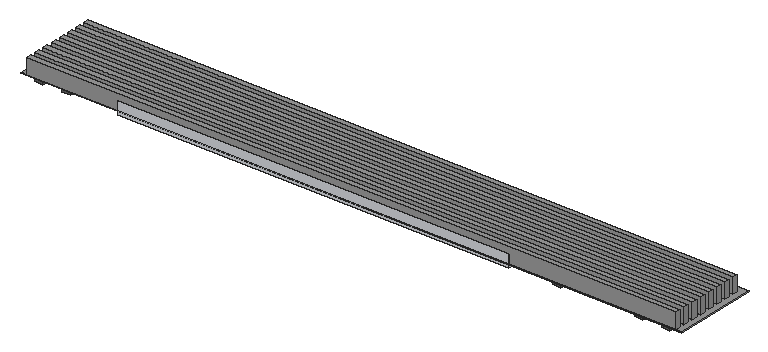
Revit family "1113-8, Solid", category Generic Models, host Face, Revit 2020
Family settings
  Host = Face
  Can host rebar = No
  Round Connector Dimension = Use Diameter
  Part Type = Normal
  Cut with Voids When Loaded = No
  Shared = No
  Room Calculation Point = No
Parameters
  min_value [instance] = 1' - 11 1/4"  # constant formula
  max_value [instance] = 11' - 11 1/4"  # constant formula
  actual_value [instance] = if(NET LENGTH < min_value, min_value, if(NET LENGTH > max_value, max_value, NET LENGTH))  # 7' - 11 1/4"
  SCRIM MATERIAL [instance] = SCRIM
  SCRIM [instance] = yes
  NET LENGTH [instance] = 7' - 11 1/4"
  Default Elevation = 4' - 0"
  BACKER MATERIAL [instance] = BLACK-BACKERS
  .. MEMBER WIDTH [instance] = 0' - 0 3/4"  # constant formula
  .. MEMBER MATERIAL [instance] = Solid Western Hemlock
  .. MEMBER LENGTH [instance] = actual_value  # 7' - 11 1/4"
  .. MEMBER DEPTH [instance] = 0' - 2 1/4"  # constant formula
  .. MEMBER COUNT [instance] = 8  # constant formula
  IMPORTANT NOTE!!!                                                                             *Backer layout is for visualization purposes only, final layout to be determined by 9Wood. [instance] = ""
Reference planes (in)
  plane 1 "Center (Front/Back)": y = 0
  plane 2: z = 1.82209
  plane 3 "Center (Left/Right)": x = 0
Forms (in)
  Extrusion 1, solid
    sketch origin (132, -33.80483, 0) x (1, 0, 0) y (0, 1, 0)
      loop
        line (-118.625, 33.80483) -> (-61.26146, 33.80483) -> (-61.26146, 45.86733) -> (-118.625, 45.86733) -> (-118.625, 33.80483)
    from 1.82209 to 0
Dimensions and locks (in)
  aligned and locked: Extrusion 1 to plane 2
  aligned and locked: plane 3 "Center (Left/Right)" to nested 1
Nested families (in)
  nested 1: "1100 SERIES CONFIG" at (0, 2, 0), .. MEMBER DEPTH <- ".. MEMBER DEPTH", .. MEMBER LENGTH <- ".. MEMBER LENGTH", .. MEMBER WIDTH <- ".. MEMBER WIDTH", .. MEMBER MATERIAL <- ".. MEMBER MATERIAL", BACKING M MATERIAL <- "BACKER MATERIAL", SCRIM  MATERIAL <- "SCRIM MATERIAL", .. MEMBER COUNT <- ".. MEMBER COUNT", SCRIM <- "SCRIM", type "1100 SERIES CONFIG"
    with X 7' - 8", SCRIM OVERHANG 2 0' - 0 3/32", SCRIM OVERHANG 0' - 0 7/8", SCRIM LENGTH 8' - 1", SCRIM  MATERIAL SCRIM, SCRIM yes, NOMINAL LENGTH 7, N 8, Inset 6' - 0 3/8", INSET 0' - 1", INDEX 0' - 5 5/8", HALF MEMBER WIDTH 0' - 0 3/8", HALF LENGTH 3' - 11 5/8", END BACKER yes, BACKING M WIDTH 0' - 1 1/4", BACKING M OC SPACING 1' - 0", BACKING M MATERIAL BLACK-BACKERS, BACKING M LENGTH 0' - 11 7/8", BACKING M DEPTH 0' - 0 1/2", BACKING M COUNT 8, 3/16" INSET 0' - 0 3/16", .. MEMBER WIDTH 0' - 0 3/4", .. MEMBER OC SPACING 0' - 1 1/2", .. MEMBER MATERIAL Solid Western Hemlock, .. MEMBER LENGTH 7' - 11 1/4", .. MEMBER DEPTH 0' - 2 1/4", .. MEMBER COUNT 8
Definition of nested family "1100 SERIES CONFIG"
  Parameters (values of type "1100 SERIES CONFIG")
    X [instance] = .. MEMBER LENGTH - 0' 3 1/4"  # 5' - 5"
    SCRIM OVERHANG 2 [instance] = 0' - 0 3/32"  # constant formula
    SCRIM OVERHANG [instance] = 0' - 0 7/8"  # constant formula
    SCRIM LENGTH [instance] = .. MEMBER LENGTH + (SCRIM OVERHANG * 2)  # 5' - 10"
    SCRIM  MATERIAL [instance] = none
    SCRIM [instance] = yes
    NOMINAL LENGTH [instance] = 7
    N [instance] = if((X - (rounddown(X / 1' 0") * 1' 0")) > 1' 0", rounddown(X / 1' 0") + 2, rounddown(X / 1' 0") + 1)  # 6
    Inset [instance] = 6' - 0 3/8"  # constant formula
    INSET [instance] = 0' - 1"  # constant formula
    END BACKER [instance] = INDEX > 0' 3 5/8"  # yes
    INDEX [instance] = (.. MEMBER LENGTH - ((N - 1) * 1' 0")) / 2  # 0' - 4 1/8"
    HALF MEMBER WIDTH [instance] = .. MEMBER WIDTH / 2  # 0' - 0 5/16"
    HALF LENGTH [instance] = .. MEMBER LENGTH / 2  # 2' - 10 1/8"
    Default Elevation = 0' - 0"
    BACKING M WIDTH [instance] = 0' - 1 1/4"
    BACKING M SPACING = 3' - 3"
    BACKING M MATERIAL [instance] = none
    BACKING M LENGTH [instance] = 0' - 11 7/8"
    BACKING M DEPTH [instance] = 0' - 0 1/2"
    BACKING M COUNT [instance] = N  # 6
    BACKING M OC SPACING [instance] = 1' - 0"  # constant formula
    3/16" INSET [instance] = 0' - 0 3/16"  # constant formula
    .. MEMBER WIDTH [instance] = 0' - 0 5/8"
    .. MEMBER OC SPACING [instance] = 1' 0" / .. MEMBER COUNT  # 0' - 4"
    .. MEMBER MATERIAL [instance] = none
    .. MEMBER LENGTH [instance] = 5' - 8 1/4"
    .. MEMBER DEPTH [instance] = 0' - 1 3/8"
    .. MEMBER COUNT [instance] = 3
  Reference planes (in)
    plane 1 "Center (Front/Back)": y = -2
    plane 2: z = 0
    plane 3 "Center (Left/Right)": x = 0
    plane 4: x = 1
    plane 5: x = 4.125
    plane 6: x = 34.125
    plane 7: x = 68.25
    plane 8: x = 67.25
    plane 9: x = 16.125
    plane 10: y = -1.8125
    plane 11: y = -1.6875
    plane 12: y = 2.3125
    plane 13: x = 69.125
    plane 14: x = -0.875
    plane 15: z = 0.5
    plane 16: z = 0.5625
    plane 17: y = 10.0625
    plane 18: y = 10.15625
    plane 19: y = -2.09375
  Dimensions and locks (in)
    "INSET": plane 3 "Center (Left/Right)" to plane 4
    "INDEX": plane 3 "Center (Left/Right)" to plane 5
    "HALF LENGTH": plane 3 "Center (Left/Right)" to plane 6
    ".. MEMBER LENGTH": plane 3 "Center (Left/Right)" to plane 7
    "INSET": plane 8 to plane 7
    equal spacing: group 2, group 3, group 6, group 7, group 8, group 9  (x3)
    "3/16" INSET": plane 1 "Center (Front/Back)" to plane 10
    ".. MEMBER OC SPACING": plane 12 to plane 11
    "SCRIM OVERHANG": plane 14 to plane 3 "Center (Left/Right)"
    "SCRIM OVERHANG": plane 7 to plane 13
    equal spacing: group 1, group 4, group 5  (x2)
    equal spacing: group 5, group 4, group 1
    "HALF MEMBER WIDTH": plane 1 "Center (Front/Back)" to plane 11
    "BACKING M OC SPACING": plane 5 to plane 9
    "SCRIM OVERHANG 2": plane 18 to plane 17
    "SCRIM OVERHANG 2": plane 19 to plane 1 "Center (Front/Back)"
    aligned and locked: level to plane 2
    aligned and locked: plane 6 to nested 1
    aligned and locked: nested 2 to plane 4
    aligned and locked: plane 5 to nested 3
    aligned and locked: plane 1 "Center (Front/Back)" to nested 1
    aligned and locked: nested 2 to plane 10
    aligned and locked: nested 3 to plane 10
    aligned and locked: nested 5 to plane 10
    aligned and locked: nested 4 to plane 10
    aligned and locked: nested 6 to plane 14
    aligned and locked: plane 12 to nested 7
    aligned and locked: nested 7 to plane 3 "Center (Left/Right)"
    aligned and locked: plane 9 to nested 5
    aligned and locked: plane 8 to nested 4
    aligned and locked: plane 15 to nested 2
    aligned and locked: nested 6 to plane 15
    aligned and locked: nested 1 to plane 16
    aligned and locked: nested 7 to plane 16
    aligned and locked: nested 6 to plane 19
  Nested families (in)
    nested 1: "INSTANCE - Parametric Cube" at (34.125, -1.6875, 1.9375), Length <- ".. MEMBER WIDTH", Height <- ".. MEMBER DEPTH", Width <- ".. MEMBER LENGTH", Material <- ".. MEMBER MATERIAL", type "INSTANCE - Parametric Cube"
      with Width 5' - 8 1/4", Material none, Length 0' - 0 5/8", Height 0' - 1 3/8"
    nested 2: "2ND INSTANCE - Parametric Cube" at (1.625, 4.125, 0), Height <- "BACKING M DEPTH", Length <- "BACKING M LENGTH", Width <- "BACKING M WIDTH", Material <- "BACKING M MATERIAL", visible <- "END BACKER", type "2ND INSTANCE - Parametric Cube"
      with Width 0' - 1 1/4", Material none, Length 0' - 11 7/8", Height 0' - 0 1/2"
    nested 3: "2ND INSTANCE - Parametric Cube" at (4.125, 4.125, 0), Length <- "BACKING M LENGTH", Height <- "BACKING M DEPTH", Width <- "BACKING M WIDTH", Material <- "BACKING M MATERIAL", type "2ND INSTANCE - Parametric Cube"
      with Width 0' - 1 1/4", Material none, Length 0' - 11 7/8", Height 0' - 0 1/2"
    nested 4: "2ND INSTANCE - Parametric Cube" at (66.625, 4.125, 0), Width <- "BACKING M WIDTH", Length <- "BACKING M LENGTH", Height <- "BACKING M DEPTH", Material <- "BACKING M MATERIAL", visible <- "END BACKER", type "2ND INSTANCE - Parametric Cube"
      with Width 0' - 1 1/4", Material none, Length 0' - 11 7/8", Height 0' - 0 1/2"
    nested 5: "2ND INSTANCE - Parametric Cube" at (16.125, 4.125, 0), Length <- "BACKING M LENGTH", Height <- "BACKING M DEPTH", Width <- "BACKING M WIDTH", Material <- "BACKING M MATERIAL", type "2ND INSTANCE - Parametric Cube"
      with Width 0' - 1 1/4", Material none, Length 0' - 11 7/8", Height 0' - 0 1/2"
    nested 6: "3RD INSTANCE - Parametric Cube" at (34.125, 4.0445, 0.5), Width <- "SCRIM LENGTH", Material <- "SCRIM  MATERIAL", visible <- "SCRIM", type "3RD INSTANCE - Parametric Cube"
      with Width 5' - 10", Material none, Length 1' - 0.27649", Height 0' - 0 1/16"
    nested 7: "INSTANCE - Parametric Cube" at (34.125, 2.3125, 1.9375), Length <- ".. MEMBER WIDTH", Height <- ".. MEMBER DEPTH", Width <- ".. MEMBER LENGTH", Material <- ".. MEMBER MATERIAL", type "INSTANCE - Parametric Cube"
      with Width 5' - 8 1/4", Material none, Length 0' - 0 5/8", Height 0' - 1 3/8"
    nested 8: "INSTANCE - Parametric Cube" at (34.125, 6.3125, 1.9375), Length <- ".. MEMBER WIDTH", Height <- ".. MEMBER DEPTH", Width <- ".. MEMBER LENGTH", Material <- ".. MEMBER MATERIAL", type "INSTANCE - Parametric Cube"
      with Width 5' - 8 1/4", Material none, Length 0' - 0 5/8", Height 0' - 1 3/8"
    nested 9: "2ND INSTANCE - Parametric Cube" at (28.125, 4.125, 0), Length <- "BACKING M LENGTH", Height <- "BACKING M DEPTH", Width <- "BACKING M WIDTH", Material <- "BACKING M MATERIAL", type "2ND INSTANCE - Parametric Cube"
      with Width 0' - 1 1/4", Material none, Length 0' - 11 7/8", Height 0' - 0 1/2"
    nested 10: "2ND INSTANCE - Parametric Cube" at (40.125, 4.125, 0), Length <- "BACKING M LENGTH", Height <- "BACKING M DEPTH", Width <- "BACKING M WIDTH", Material <- "BACKING M MATERIAL", type "2ND INSTANCE - Parametric Cube"
      with Width 0' - 1 1/4", Material none, Length 0' - 11 7/8", Height 0' - 0 1/2"
    nested 11: "2ND INSTANCE - Parametric Cube" at (52.125, 4.125, 0), Length <- "BACKING M LENGTH", Height <- "BACKING M DEPTH", Width <- "BACKING M WIDTH", Material <- "BACKING M MATERIAL", type "2ND INSTANCE - Parametric Cube"
      with Width 0' - 1 1/4", Material none, Length 0' - 11 7/8", Height 0' - 0 1/2"
    nested 12: "2ND INSTANCE - Parametric Cube" at (64.125, 4.125, 0), Length <- "BACKING M LENGTH", Height <- "BACKING M DEPTH", Width <- "BACKING M WIDTH", Material <- "BACKING M MATERIAL", type "2ND INSTANCE - Parametric Cube"
      with Width 0' - 1 1/4", Material none, Length 0' - 11 7/8", Height 0' - 0 1/2"
  Definition of nested family "INSTANCE - Parametric Cube"
    Parameters (values of type "INSTANCE - Parametric Cube")
      Width [instance] = 0' - 6"
      Material [instance] = none
      Length [instance] = 1' - 0"
      Height [instance] = 1' - 6"
      Default Elevation = 0' - 0"
    Reference planes (in)
      plane 1 "Center (Front/Back)": y = 0
      plane 2: z = 0
      plane 3 "Center (Left/Right)": x = 0
      plane 4: x = -3
      plane 5: x = 3
      plane 6: y = 6
      plane 7: y = -6
      plane 8: z = -18
    Forms (in)
      Extrusion 1, solid, material <- "Material"
        sketch origin (0, 0, 0) x (1, 0, 0) y (0, 1, 0)
          loop
            line (-3, 6) -> (-3, -6) -> (3, -6) -> (3, 6) -> (-3, 6)
        from -18 to 0
    Dimensions and locks (in)
      equal spacing: plane 4, plane 3 "Center (Left/Right)", plane 5
      equal spacing: plane 6, plane 1 "Center (Front/Back)", plane 7
      "Length": plane 6 to plane 7
      "Width": plane 4 to plane 5
      "Height": plane 8 to level
      aligned and locked: plane 2 to level
      aligned and locked: Extrusion 1 sketch curve to plane 6
      aligned and locked: plane 4 to Extrusion 1 sketch curve
      aligned and locked: plane 7 to Extrusion 1 sketch curve
      aligned and locked: Extrusion 1 sketch curve to plane 5
      aligned and locked: Extrusion 1 to plane 8
  Definition of nested family "2ND INSTANCE - Parametric Cube"
    Parameters (values of type "2ND INSTANCE - Parametric Cube")
      Width [instance] = 0' - 6"
      Material [instance] = none
      Length [instance] = 1' - 0"
      Height [instance] = 1' - 6"
      Default Elevation = 0' - 0"
    Reference planes (in)
      plane 1 "Center (Front/Back)": y = 0
      plane 2: z = 0
      plane 3 "Center (Left/Right)": x = 0
      plane 4: x = -3
      plane 5: x = 3
      plane 6: y = 6
      plane 7: y = -6
      plane 8: z = 18
    Forms (in)
      Extrusion 1, solid, material <- "Material"
        sketch origin (0, 0, 0) x (1, 0, 0) y (0, 1, 0)
          loop
            line (-3, 6) -> (-3, -6) -> (3, -6) -> (3, 6) -> (-3, 6)
        from 0 to 18
    Dimensions and locks (in)
      equal spacing: plane 4, plane 3 "Center (Left/Right)", plane 5
      equal spacing: plane 6, plane 1 "Center (Front/Back)", plane 7
      "Length": plane 6 to plane 7
      "Width": plane 4 to plane 5
      "Height": level to plane 8
      aligned and locked: plane 2 to level
      aligned and locked: Extrusion 1 sketch curve to plane 6
      aligned and locked: plane 4 to Extrusion 1 sketch curve
      aligned and locked: plane 7 to Extrusion 1 sketch curve
      aligned and locked: Extrusion 1 sketch curve to plane 5
      aligned and locked: plane 8 to Extrusion 1
      aligned and locked: Extrusion 1 to level
  Definition of nested family "3RD INSTANCE - Parametric Cube"
    Parameters (values of type "3RD INSTANCE - Parametric Cube")
      Width [instance] = 0' - 6"
      Material [instance] = none
      Length [instance] = 1' - 0"
      Height [instance] = 1' - 6"
      Default Elevation = 0' - 0"
    Reference planes (in)
      plane 1 "Center (Front/Back)": y = 0
      plane 2: z = 0
      plane 3 "Center (Left/Right)": x = 0
      plane 4: x = -3
      plane 5: x = 3
      plane 6: y = 6
      plane 7: y = -6
      plane 8: z = 18
    Forms (in)
      Extrusion 1, solid, material <- "Material"
        sketch origin (0, 0, 0) x (1, 0, 0) y (0, 1, 0)
          loop
            line (-3, 6) -> (-3, -6) -> (3, -6) -> (3, 6) -> (-3, 6)
        from 0 to 18
    Dimensions and locks (in)
      equal spacing: plane 4, plane 3 "Center (Left/Right)", plane 5
      equal spacing: plane 6, plane 1 "Center (Front/Back)", plane 7
      "Length": plane 6 to plane 7
      "Width": plane 4 to plane 5
      "Height": level to plane 8
      aligned and locked: plane 2 to level
      aligned and locked: Extrusion 1 sketch curve to plane 6
      aligned and locked: plane 4 to Extrusion 1 sketch curve
      aligned and locked: plane 7 to Extrusion 1 sketch curve
      aligned and locked: Extrusion 1 sketch curve to plane 5
      aligned and locked: plane 8 to Extrusion 1
      aligned and locked: Extrusion 1 to level
